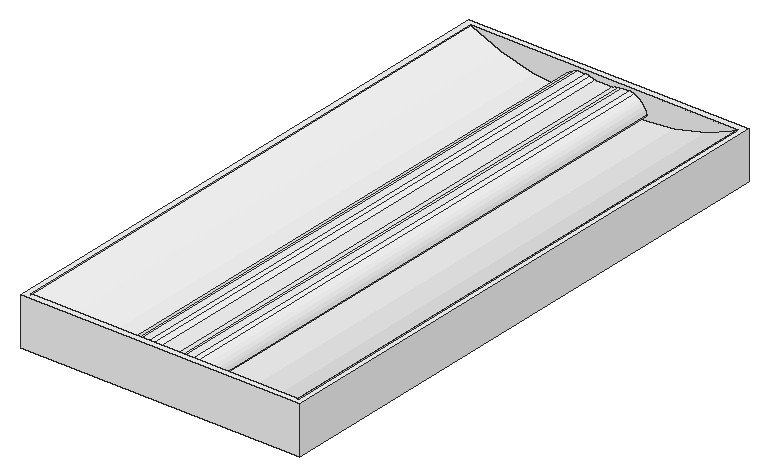
Revit family "LTGR24", category Lighting Fixtures, host Face, Revit 2014
Parameters (values of type "LTGR22")
  Width = 23.75"
  Wattage = 48 W
  Warranty = "5-Years Warranty"  # constant formula
  built-in parameter 1150110 = 1 (stored number, unit not read)
  Voltage = 120 V
  Type Comments = "Lighting Fixture"  # constant formula
  built-in parameter 1114217 = 1 (stored number, unit not read)
  Tilt Angle = -90.00°
  built-in parameter 1150109 = 1 (stored number, unit not read)
  built-in parameter 1150134 = 2
  built-in parameter 1150113 = 1 (stored number, unit not read)
  Product Page URL = "https://www.hubbell.com/hubbelllightingci/en/Products/Lighting-Controls/Commercial-Indoor-Lighting/Recessed-Linear-Troffers/LTGR/p/241924"
  Product Documentation Link = "https://hubbellcdn.com/specsheet/ltgr24.pdf"
  Power Factor = 1
  Photometric Web File = "LTGR24-30HLx-Rx-EDU.ies"
  Photometric Notes = "More IES files download on Photometric Link"  # constant formula
  Photometric Link = "https://www.hubbell.com/hubbelllightingci/en/Products/Lighting-Controls/Commercial-Indoor-Lighting/Recessed-Linear-Troffers/LTGR/p/241924"
  zz Length 1 = 47.75"
  Wattage Comments = ""
  URL = "https://www.hubbell.com/hubbelllightingci/en"
  Mounting = "Recessed"  # constant formula
  Model = "2'X4' Recessed Linear Troffers"  # constant formula
  Manufacturer = "Hubbell Lighting"  # constant formula
  built-in parameter 1150105 = 450.73 (stored number, unit not read)
  Lumens = 5664 lm
  built-in parameter 1150115 = 1 (stored number, unit not read)
  Load Classification = Lighting
  built-in parameter 1150137 = (empty or 0)
  built-in parameter 1150139 = (empty or 0)
  built-in parameter 1150112 = 1 (stored number, unit not read)
  built-in parameter 1150114 = 1 (stored number, unit not read)
  Lamp = "LED"  # constant formula
  built-in parameter 1150132 = (empty or 0)
  built-in parameter 1150102 = (empty or 0)
  built-in parameter 1150107 = 5000 (stored number, unit not read)
  built-in parameter 1150138 = (empty or 0)
  built-in parameter 1150106 = 4.5073 (stored number, unit not read)
  Glass = Paint - Hubbell - White
  Fixture Distribution = "Direct-Symmetric"  # constant formula
  Emit from Rectangle Width = Width - 1.00"  # 22.75"
  Emit from Rectangle Length = zz Length 1 - 1.00"  # 46.75"
  Emit Shape Visible in Rendering = no
  built-in parameter 1150104 = 10.963 (stored number, unit not read)
  Dimming Lamp Color Temperature Shift = <None>
  Description = "An attractive specification grade solution for indoor commercial applications, LTGR delivers high efficacy lumen packages ranging from 2,475 to 9,200, and two architecturally styled lens options"  # constant formula
  Default Elevation = 48.00"
  Create Date = "07/27/2018"  # constant formula
  Copyright = "Copyright © 2018 Hubbell "  # constant formula
  Contact Us = "https://www.hubbell.com/hubbelllightingci/en/contactUs?productId=241924"
  Color Filter = 16777215
  built-in parameter 1114218 = 1 (stored number, unit not read)
  Housing Material = Paint - Hubbell - White
  built-in parameter 1150133 = 10 (stored number, unit not read)
  Assembly Code = "D5020200"
  Apparent Load = 0 VA
Reference planes (in)
  plane 1 "Center (Front/Back)": y = 8.62124
  plane 2: z = 0
  plane 3 "Center (Left/Right)": x = 0
  plane 4: z = 0
  plane 5: z = -3.75
  plane 6: y = 32.49624
  plane 7: y = -15.25376
  plane 8: x = -11.875
  plane 9: x = 11.875
  plane 10: z = 0.25
Forms (in)
  Extrusion 1, solid, material "Paint - Hubbell - White" <- "Glass"
    sketch origin (0, 8.62124, 0) x (1, 0, 0) y (0, 0, 1)
      loop
        line (-11.375, 0.24724) -> (-11.375, -3.73597) -> (11.375, -3.73597) -> (11.375, 0.24724)
        arc (11.375, 0.24724) -> (7.36754, -1.24736) -> (3.12749, -1.80909) r 19.02757
        arc (3.12749, -1.80909) -> (2.9507, -1.81078) -> (2.7739, -1.80909) r 9.26353
        line (2.7739, -1.80909) -> (2.65819, -1.69338) -> (3.10497, -1.69338) -> (3.10497, -1.64483) -> (2.68461, -1.64483) -> (2.68461, -1.53421) -> (3.06349, -1.53421)
        arc (3.06349, -1.53421) -> (3.37485, -1.56725) -> (3.6166, -1.36828) r 0.40473
        arc (3.6166, -1.36828) -> (3.24819, -0.57308) -> (2.51201, -0.09759) r 1.57612
        arc (2.51201, -0.09759) -> (2.36916, -0.03538) -> (2.21568, -0.00859) r 0.65633
        arc (2.21568, -0.00859) -> (1.88628, 0.00027) -> (1.55688, -0.00859) r 6.12642
        arc (1.55688, -0.00859) -> (1.3867, -0.02811) -> (1.22011, -0.06798) r 1.41956
        arc (1.22011, -0.06798) -> (0.94327, -0.10841) -> (0.67948, -0.20166) r 1.43883
        arc (0.67948, -0.20166) -> (-0.0532, -0.19233) -> (-0.78591, -0.20005) r 31.49433
        arc (-0.78591, -0.20005) -> (-0.99763, -0.11632) -> (-1.22011, -0.06798) r 1.40142
        arc (-1.22011, -0.06798) -> (-1.3867, -0.02811) -> (-1.55688, -0.00859) r 1.41956
        arc (-1.55688, -0.00859) -> (-1.88628, 0.00027) -> (-2.21568, -0.00859) r 6.12642
        arc (-2.21568, -0.00859) -> (-2.36916, -0.03538) -> (-2.51201, -0.09759) r 0.65633
        arc (-2.51201, -0.09759) -> (-3.24819, -0.57308) -> (-3.6166, -1.36828) r 1.57612
        arc (-3.6166, -1.36828) -> (-3.37485, -1.56725) -> (-3.06349, -1.53421) r 0.40473
        line (-3.06349, -1.53421) -> (-2.68461, -1.53421) -> (-2.68461, -1.64483) -> (-3.10497, -1.64483) -> (-3.10497, -1.69338) -> (-2.65819, -1.69338) -> (-2.7739, -1.80909)
        arc (-2.7739, -1.80909) -> (-2.9507, -1.81078) -> (-3.12749, -1.80909) r 9.26353
        arc (-3.12749, -1.80909) -> (-7.36754, -1.24736) -> (-11.375, 0.24724) r 19.02757
    from -23.375 to 23.375
  Extrusion 2, solid, material "Paint - Hubbell - White" <- "Housing Material"
    sketch origin (0, 0, 0) x (1, 0, 0) y (0, 1, 0)
      loop
        line (-11.875, 32.49624) -> (-11.875, -15.25376) -> (11.875, -15.25376) -> (11.875, 32.49624) -> (-11.875, 32.49624)
      loop
        line (-11.375, 31.99624) -> (-11.375, -14.75376) -> (11.375, -14.75376) -> (11.375, 31.99624) -> (-11.375, 31.99624)
    from 0.25 to -3.75
  Extrusion 3, void
    sketch origin (0, 0, 0) x (1, 0, 0) y (0, 1, 0)
      loop
        line (-11.875, 32.49624) -> (-11.875, -15.25376) -> (11.875, -15.25376) -> (11.875, 32.49624) -> (-11.875, 32.49624)
    from 0 to -4
Dimensions and locks (in)
  "zz Length 1": plane 6 to plane 7
  equal spacing: plane 7, plane 1 "Center (Front/Back)", plane 6
  "Width": plane 8 to plane 9
  equal spacing: plane 8, plane 3 "Center (Left/Right)", plane 9
  plane 10 to plane 5 = 4.00"
  aligned and locked: plane 2 to host face
  aligned and locked: level to host face
  aligned and locked: plane 3 "Center (Left/Right)" to imposter light
  aligned and locked: Extrusion 2 sketch curve to plane 6
  aligned and locked: plane 8 to Extrusion 2 sketch curve
  aligned and locked: plane 7 to Extrusion 2 sketch curve
  aligned and locked: Extrusion 2 sketch curve to plane 9
  aligned and locked: plane 10 to Extrusion 2
  aligned and locked: Extrusion 2 to plane 5
  aligned and locked: Extrusion 1 sketch curve to Extrusion 2
  aligned and locked: Extrusion 3 sketch curve to Extrusion 2  (x4)
  aligned and locked: Extrusion 1 to Extrusion 2  (x2)
Automatic sketch dimensions
  host sketch curve to host sketch curve = 96.00"  (x2)
  Extrusion 2 sketch curve to plane 6 = 0.50"
  plane 7 to Extrusion 2 sketch curve = 0.50"
  plane 8 to Extrusion 2 sketch curve = 0.50"
  Extrusion 2 sketch curve to plane 9 = 0.50"
  Extrusion 1 sketch curve to level = 1.17958"  (x2)
  Extrusion 1 sketch curve to Extrusion 1 sketch curve = 0.15357"
  Extrusion 1 sketch curve to Extrusion 1 sketch curve = 0.04148"  (x2)
  plane 3 "Center (Left/Right)" to Extrusion 1 sketch curve = 2.9507"
  Extrusion 1 sketch curve to Extrusion 1 sketch curve = 0.33107"
  plane 3 "Center (Left/Right)" to Extrusion 1 sketch curve = 2.76435"
  Extrusion 1 sketch curve to Extrusion 1 sketch curve = 0.08929"
  Extrusion 1 sketch curve to Extrusion 1 sketch curve = 0.02642"  (x2)
  Extrusion 1 sketch curve to Extrusion 1 sketch curve = 0.50422"
  Extrusion 1 sketch curve to Extrusion 1 sketch curve = 0.59951"  (x2)
  plane 3 "Center (Left/Right)" to Extrusion 1 sketch curve = 1.88628"
  Extrusion 1 sketch curve to Extrusion 1 sketch curve = 0.42548"  (x2)
  Extrusion 1 sketch curve to Extrusion 1 sketch curve = 0.34455"
  Extrusion 1 sketch curve to plane 3 "Center (Left/Right)" = 0.08793"
  Extrusion 1 sketch curve to plane 3 "Center (Left/Right)" = 1.40544"
  Extrusion 1 sketch curve to Extrusion 1 sketch curve = 0.22776"
  Extrusion 1 sketch curve to plane 3 "Center (Left/Right)" = 1.88628"
  Extrusion 1 sketch curve to Extrusion 1 sketch curve = 0.54718"
  Extrusion 1 sketch curve to plane 3 "Center (Left/Right)" = 2.76435"
  Extrusion 1 sketch curve to Extrusion 1 sketch curve = 0.11571"  (x3)
  Extrusion 1 sketch curve to plane 3 "Center (Left/Right)" = 2.9507"
  Extrusion 1 sketch curve to Extrusion 1 sketch curve = 0.37888"
  Extrusion 1 sketch curve to Extrusion 1 sketch curve = 0.19506"
  Extrusion 1 sketch curve to plane 10 = 0.00276"  (x2)
  plane 8 to Extrusion 1 sketch curve = 0.50"
  Extrusion 1 sketch curve to level = 1.4261"  (x2)
  Extrusion 1 sketch curve to Extrusion 1 sketch curve = 0.03099"
  Extrusion 1 sketch curve to Extrusion 1 sketch curve = 0.07907"
  Extrusion 1 sketch curve to Extrusion 1 sketch curve = 0.35463"  (x2)
  Extrusion 1 sketch curve to Extrusion 1 sketch curve = 0.18101"  (x2)
  Extrusion 1 sketch curve to Extrusion 1 sketch curve = 0.11062"  (x2)
  Extrusion 1 sketch curve to Extrusion 1 sketch curve = 0.04855"  (x2)
  plane 5 to Extrusion 1 sketch curve = 0.01403"
  Extrusion 1 sketch curve to plane 5 = 2.37615"  (x2)
  Extrusion 1 sketch curve to level = 0.66397"  (x2)
  plane 10 to Extrusion 1 sketch curve = 7.20276"
  Extrusion 1 sketch curve to Extrusion 1 sketch curve = 0.00"  (x6)
  Extrusion 1 sketch curve to Extrusion 1 sketch curve = 9.76226"
  Extrusion 1 sketch curve to Extrusion 1 sketch curve = 0.35805"
  Extrusion 1 sketch curve to level = 0.09759"  (x2)
  Extrusion 1 sketch curve to level = 0.06798"  (x2)
  Extrusion 1 sketch curve to level = 0.20166"
  Extrusion 1 sketch curve to Extrusion 1 sketch curve = 0.54063"
  Extrusion 1 sketch curve to level = 0.20005"
  Extrusion 1 sketch curve to plane 3 "Center (Left/Right)" = 0.78591"
